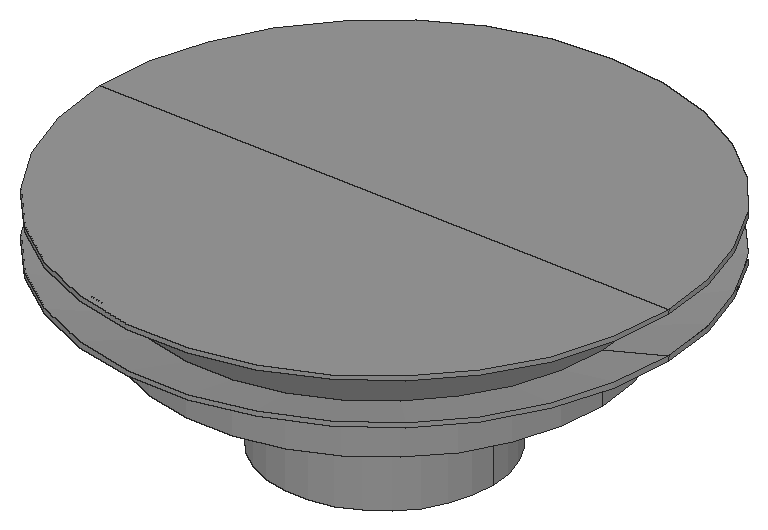
Revit family "Plumbing Fixture_Red Emperor_Rain Water Outlet_ Vert-Non Clamp", category Plumbing Fixtures, Revit 2015
Parameters (values of type "260Wx260Dx100H 285007")
  URL = "http://www.red-emperor.com.au/"
  Type Comments = " "
  Radius = Manufacturer_Overall Width / 2  # 130 mm
  Pipe Radius = 50 mm
  Pipe Dia = Pipe Radius * 2  # 100 mm
  Offset Positive [instance] = if(Manufacturer_Height From FFL > 0 mm, Manufacturer_Height From FFL, 0 mm)  # 0 mm
  Offset Negative [instance] = if(Manufacturer_Height From FFL < 0 mm, abs(Manufacturer_Height From FFL), 0 mm)  # 0 mm
  Model = "285007"
  Material_ANZRS = z_Red Emperor_Grey
  Manufacturer_URL__Product Specific = "http://www.red-emperor.com.au/all-products/ductile-iron-multi-purpose-heavy-duty-flat-vertical-rain-water-outlet-without-membrane-100mm-pvc-hdpe.aspx"
  Manufacturer_Spec Code = Model  # "285007"
  Manufacturer_Overall Width = 260 mm
  Manufacturer_Overall Height = 100 mm
  Manufacturer_Overall Depth = Manufacturer_Overall Width  # 260 mm
  Manufacturer_Height From FFL [instance] = 0 mm
  Manufacturer = "Red Emperor"  # constant formula
  E = 120 mm  # constant formula
  A = 112 mm  # constant formula
  Description = "Ductile Iron Multi-Purpose Heavy Duty Flat Vertical Rain, Water Outlet (without Membrane) 100mm PVC/HDPE"
  CreatedBy_ANZRS = "IGS - BIM Solutions"  # constant formula
  CreatedByURL_ANZRS = "http://www.igsgroup.com.au/"
Types (3, lengths in mm): name | Radius | Pipe Radius | Pipe Dia | Model | Manufacturer_URL__Product Specific | Manufacturer_Spec Code | Manufacturer_Overall Width | Manufacturer_Overall Height | Manufacturer_Overall Depth | Description
  (no name) | 130 | 50 | 100 | "285007" | "http://www.red-emperor.com.au/all-products/ductile-iron-multi-purpose-heavy-duty-flat-vertical-rain-water-outlet-without-membrane-100mm-pvc-hdpe.aspx" | "285007" | 260 | 100 | 260 | "Ductile Iron Multi-Purpose Heavy Duty Flat Vertical Rain, Water Outlet (without Membrane) 100mm PVC/HDPE"
  260Wx260Dx100H 285007 | 130 | 50 | 100 | "285007" | "http://www.red-emperor.com.au/all-products/ductile-iron-multi-purpose-heavy-duty-flat-vertical-rain-water-outlet-without-membrane-100mm-pvc-hdpe.aspx" | "285007" | 260 | 100 | 260 | "Ductile Iron Multi-Purpose Heavy Duty Flat Vertical Rain, Water Outlet (without Membrane) 100mm PVC/HDPE"
  270Wx270Dx98H 285021 | 135 | 75 | 150 | "285021" | "http://www.red-emperor.com.au/all-products/ductile-iron-multi-purpose-heavy-duty-flat-vertical-rain-water-outlet-without-membrane-150mm-pvc-hdpe.aspx" | "285021" | 270 | 98 | 270 | "Ductile Iron Multi-Purpose Heavy Duty Flat Vertical Rain, Water Outlet (without Membrane) 150mm PVC/HDPE"
Reference planes
  plane 1 "Bottom": z = -100
  plane 2 "Center (Left/Right)": x = 0
  plane 3 "Offset Positive": z = 0
  plane 4 "Right": x = 130
  plane 5 "Left": x = -130
  plane 6 "Back": y = 150.962
  plane 7 "Front": y = -109.038
  plane 8 "Center (Front/Back)": y = 20.962
  plane 9 "Top": z = 0
  plane 10 "Outlet Left": x = -50
  plane 11 "Outlet Right": x = 50
  plane 12 "Outlet Back": y = 70.962
  plane 13 "Outlet Front": y = -29.038
Forms (mm)
  Revolve 1, solid, material "z_Red Emperor_Grey" <- "Material_ANZRS"
    sketch origin (-636.066, 20.962, 1200) x (-1, 0, 0) y (0, 0, 1)
      loop
        line (-506.066, -1200) -> (-636.066, -1200) -> (-636.066, -1300) -> (-586.066, -1300) -> (-586.066, -1250) -> (-536.066, -1250) -> (-536.066, -1229.071) -> (-506.066, -1221.032) -> (-506.066, -1218.962) -> (-536.066, -1227) -> (-511.066, -1202) -> (-506.066, -1202) -> (-506.066, -1200)
      axis (-636.066, -1200) -> (-636.066, -1300)
    angle from 0 to 360
Lines and regions (mm)
  Masking region 1
    outline origin (0, 0, 0) x (1, 0, 0) y (0, 0, 1)
      loop
        line (-130, 0) -> (-130, -2) -> (-125, -2) -> (-108.038, -18.962) -> (-130, -18.962) -> (-130, -21.032) -> (-100, -29.071) -> (-100, -50) -> (-50, -50) -> (-50, -100) -> (50, -100) -> (50, -50) -> (100, -50) -> (100, -29.071) -> (130, -21.032) -> (130, -18.962) -> (108.038, -18.962) -> (125, -2) -> (130, -2) -> (130, 0) -> (-130, 0)
  Masking region 2
    outline origin (0, 0, 0) x (0, 1, 0) y (0, 0, 1)
      loop
        line (150.962, 0) -> (-109.038, 0) -> (-109.038, -2) -> (-103.992, -2) -> (-87.03, -18.962) -> (-109.038, -18.962) -> (-109.038, -21.032) -> (-79.038, -29.071) -> (-79.038, -50) -> (-29.038, -50) -> (-29.038, -100) -> (70.962, -100) -> (70.962, -50) -> (120.962, -50) -> (120.962, -29.071) -> (150.962, -21.032) -> (150.962, -18.962) -> (128.955, -18.962) -> (145.916, -2) -> (150.962, -2) -> (150.962, 0)
  Masking region 3
    outline origin (0, 0, 0) x (-1, 0, 0) y (0, -1, 0)
      loop
        circle (0, -20.962) r 130
  symbolic lines, style "Drain", detail levels fine
    curve 1: line (-125, 0, -2) -> (125, 0, -2)
    curve 2: line (-108.038, 0, -18.962) -> (108.038, 0, -18.962)
    curve 3: line (-100, 0, -29.071) -> (100, 0, -29.071)
    curve 4: line (-50, 0, -50) -> (50, 0, -50)
    curve 5: line (0, 145.916, -2) -> (0, -104.038, -2)
    curve 6: line (0, 128.955, -18.962) -> (0, -87.03, -18.962)
    curve 7: line (0, 120.962, -29.071) -> (0, -79.038, -29.071)
    curve 8: line (0, 70.962, -50) -> (0, -29.038, -50)
  model lines, style "InvisibleLines", detail levels medium+fine
    curve 9: line (0, 20.962, 0) -> (0, 20.962, 10)
Text (mm)
  text "> Contact Red Emperor to confirm feasibility of design variations outside the scope of this Revit Family\n\n\n\nDisclaimer:\n\nDue to ongoing product development and manufacturing evolution, product details are subject to change without notice.\n\nPlease refer to product technical data sheets on www.red-emperor.com.au for the most current product information.\n\nPlease allow a +/- 5mm tolerance for dimensions and set-outs shown in product literature.\n\n© Copyright 2016 Red Emperor Pty Ltd" at (1190.506, 248.962, 0), in view "Ref. Level"
Dimensions and locks
  "Manufacturer_Overall Width": plane 5 "Left" to plane 4 "Right"
  "Manufacturer_Overall Depth": plane 6 "Back" to plane 7 "Front"
  equal spacing: plane 5 "Left", plane 2 "Center (Left/Right)", plane 4 "Right"
  equal spacing: plane 6 "Back", plane 8 "Center (Front/Back)", plane 7 "Front"
  "Offset Positive": plane 3 "Offset Positive" to level
  "Offset Negative": plane 3 "Offset Positive" to plane 9 "Top"
  "Manufacturer_Overall Height": plane 9 "Top" to plane 1 "Bottom"
  "Pipe Radius": plane 2 "Center (Left/Right)" to plane 10 "Outlet Left"
  "Pipe Radius": plane 11 "Outlet Right" to plane 2 "Center (Left/Right)"
  "Pipe Radius": plane 12 "Outlet Back" to plane 8 "Center (Front/Back)"
  "Pipe Radius": plane 8 "Center (Front/Back)" to plane 13 "Outlet Front"
  locked: curve 9 to plane 9 "Top" at 10
  "Radius": radius of Masking region 3 sketch curve
  aligned and locked: Revolve 1 sketch curve to plane 5 "Left"
  aligned and locked: Revolve 1 sketch curve to plane 9 "Top"
  aligned and locked: Revolve 1 sketch curve to plane 1 "Bottom"
  aligned and locked: Revolve 1 sketch curve to plane 10 "Outlet Left"
  aligned and locked: Revolve 1 sketch curve to plane 2 "Center (Left/Right)"  (x2)
  aligned and locked: curve 1 to Masking region 1
  aligned and locked: curve 1 to Revolve 1
  aligned and locked: curve 2 to Masking region 1
  aligned and locked: curve 3 to Revolve 1
  aligned and locked: curve 4 to Masking region 1
  aligned and locked: curve 4 to Revolve 1
  aligned and locked: curve 5 to Masking region 2
  aligned and locked: curve 6 to Revolve 1
  aligned and locked: curve 7 to Revolve 1
  aligned and locked: Masking region 2 to curve 8
  aligned and locked: Revolve 1 to curve 8
  aligned and locked: Masking region 1 sketch curve to plane 11 "Outlet Right"
  aligned and locked: plane 11 "Outlet Right" to curve 4
  aligned and locked: plane 12 "Outlet Back" to Masking region 2 sketch curve
  aligned and locked: plane 13 "Outlet Front" to Masking region 2 sketch curve
  aligned and locked: plane 13 "Outlet Front" to curve 8
  aligned and locked: nested 1 to plane 8 "Center (Front/Back)"
  aligned and locked: plane 2 "Center (Left/Right)" to nested 1
  aligned and locked: plane 9 "Top" to curve 9
Automatic sketch dimensions
  Revolve 1 sketch curve to plane 5 "Left" = 0 mm
  plane 5 "Left" to Revolve 1 sketch curve = 30 mm
  Revolve 1 sketch curve to Revolve 1 sketch curve = 0 mm
  Revolve 1 sketch curve to plane 9 "Top" = 2 mm
  Revolve 1 sketch curve to Revolve 1 sketch curve = 5 mm
  plane 1 "Bottom" to Revolve 1 sketch curve = 50 mm
  Revolve 1 sketch curve to Revolve 1 sketch curve = 20.929 mm
  Revolve 1 sketch curve to Revolve 1 sketch curve = 2.071 mm  (x2)
  Revolve 1 sketch curve to Revolve 1 sketch curve = 19.032 mm
  Revolve 1 sketch curve to plane 1 "Bottom" = 104.8 mm
  Revolve 1 sketch curve to level = 104.8 mm
  Masking region 2 sketch curve to plane 7 "Front" = 0 mm  (x2)
  Masking region 2 sketch curve to plane 1 "Bottom" = 0 mm
  Masking region 2 sketch curve to plane 6 "Back" = 0 mm  (x2)
  Masking region 2 sketch curve to plane 9 "Top" = 0 mm
  Masking region 2 sketch curve to plane 9 "Top" = 2 mm  (x2)
  Masking region 2 sketch curve to Masking region 2 sketch curve = 5.046 mm  (x2)
  plane 7 "Front" to Masking region 2 sketch curve = 22.008 mm
  plane 7 "Front" to Masking region 2 sketch curve = 30 mm
  plane 6 "Back" to Masking region 2 sketch curve = 30 mm
  Masking region 2 sketch curve to Masking region 2 sketch curve = 7.992 mm
  plane 1 "Bottom" to Masking region 2 sketch curve = 50 mm  (x2)
  Masking region 2 sketch curve to Masking region 2 sketch curve = 20.929 mm  (x2)
  Masking region 2 sketch curve to Masking region 2 sketch curve = 19.032 mm  (x2)
  Masking region 2 sketch curve to Masking region 2 sketch curve = 2.071 mm
  Masking region 2 sketch curve to Masking region 2 sketch curve = 10.109 mm
  plane 5 "Left" to Masking region 1 sketch curve = 0 mm  (x2)
  plane 10 "Outlet Left" to Masking region 1 sketch curve = 0 mm
  Masking region 1 sketch curve to plane 1 "Bottom" = 0 mm
  plane 4 "Right" to Masking region 1 sketch curve = 0 mm  (x2)
  Masking region 1 sketch curve to plane 9 "Top" = 0 mm
  Masking region 1 sketch curve to plane 9 "Top" = 2 mm  (x2)
  Masking region 1 sketch curve to Masking region 1 sketch curve = 5 mm  (x2)
  plane 5 "Left" to Masking region 1 sketch curve = 21.962 mm
  plane 5 "Left" to Masking region 1 sketch curve = 30 mm
  plane 4 "Right" to Masking region 1 sketch curve = 30 mm
  Masking region 1 sketch curve to Masking region 1 sketch curve = 8.038 mm
  plane 1 "Bottom" to Masking region 1 sketch curve = 50 mm  (x2)
  Masking region 1 sketch curve to Masking region 1 sketch curve = 20.929 mm  (x2)
  Masking region 1 sketch curve to Masking region 1 sketch curve = 19.032 mm  (x2)
  Masking region 1 sketch curve to Masking region 1 sketch curve = 2.071 mm  (x2)
  Masking region 3 sketch curve to plane 2 "Center (Left/Right)" = 0 mm
  Masking region 3 sketch curve to plane 8 "Center (Front/Back)" = 0 mm
  plane 5 "Left" to curve 2 = 21.962 mm
  curve 2 to curve 3 = 8.038 mm
  plane 4 "Right" to curve 3 = 30 mm
  curve 3 to curve 2 = 8.038 mm
  plane 4 "Right" to curve 1 = 5 mm
  curve 9 to plane 8 "Center (Front/Back)" = 0 mm
  plane 7 "Front" to curve 7 = 30 mm
  curve 6 to curve 7 = 7.992 mm
  plane 7 "Front" to curve 5 = 5 mm
  plane 6 "Back" to curve 7 = 30 mm
  curve 7 to curve 6 = 7.992 mm
  plane 6 "Back" to curve 5 = 5.046 mm
Nested families
  nested 1: "z_Plumbing Fixture_Red Emperor_Rain Water Outlet_Vert-Non Clamp_Plan" at (0, 20.962, 0), type "z_Plumbing Fixture_Red Emperor_Rain Water Outlet_Vert-Non Clamp_Plan"
Connectors
  piping at (0, 20.962, -100), diameter 100, driven by "Pipe Dia"
    settings: on Revolve 1, index 1, connector inside diameter 609.6 mm, connector length 0 mm, flow factor 0, pipe flow 0.0 L/s, pressure drop 0.0 Pa, fitting loss kfactor 0, connector angle 0.00°, fixture units 0, engagement length 0 mm, angle of deflection 0.00°, flow configuration 0, flow direction 2, fitting loss method 0, system type 16, joint type 0, gender type 0, connector reference index -1, connector utility 0, adjustable connector no, is connector primary yes, connector description ""
Definition of nested family "z_Plumbing Fixture_Red Emperor_Rain Water Outlet_Vert-Non Clamp_Plan"
  Parameters (values of type "z_Plumbing Fixture_Red Emperor_Rain Water Outlet_Vert-Non Clamp_Plan")
    Manufacturer = "Red Emperor"
    Default Elevation = 0 mm
  Reference planes
    plane 1 "Center (Front/Back)": y = 0
    plane 2: z = 0
    plane 3 "Center (Left/Right)": x = 0
  Lines and regions (mm)
    symbolic lines, detail levels fine
      curve 1: arc (-30.993, 31.232, 0) -> (-44, 0, 0) -> (-30.993, -31.232, 0) r 44
      curve 2: arc (-30.993, -31.232, 0) -> (-30.966, -38.303, 0) -> (-38.037, -38.33, 0) r 5
      curve 3: arc (-38.037, -38.33, 0) -> (-54, 0, 0) -> (-38.037, 38.33, 0) r 54
      curve 4: arc (-38.037, 38.33, 0) -> (-30.966, 38.303, 0) -> (-30.993, 31.232, 0) r 5
      curve 5: arc (-42.33, 49.327, 0) -> (-56.486, 32.16, 0) -> (-64.024, 11.224, 0) r 65
      curve 6: arc (-64.024, 11.224, 0) -> (-69.943, 7.619, 0) -> (-73.778, 13.393, 0) r 5
      curve 7: arc (-73.778, 13.393, 0) -> (-64.938, 37.492, 0) -> (-48.488, 57.197, 0) r 74.983
      curve 8: arc (-48.488, 57.197, 0) -> (-41.317, 56.464, 0) -> (-42.33, 49.327, 0) r 5
      curve 9: arc (-85.185, 11.813, 0) -> (-74.478, 43, 0) -> (-52.823, 67.866, 0) r 86
      curve 10: arc (-52.823, 67.866, 0) -> (-51.948, 74.882, 0) -> (-58.965, 75.757, 0) r 5
      curve 11: arc (-58.965, 75.757, 0) -> (-83.138, 48, 0) -> (-95.09, 13.187, 0) r 96
      curve 12: arc (-95.09, 13.187, 0) -> (-90.824, 7.547, 0) -> (-85.185, 11.813, 0) r 5
      curve 14: circle (0, 0, 0) r 120 normal (0, 0, 1)
      curve 15: arc (-95.09, -13.187, 0) -> (-90.824, -7.547, 0) -> (-85.185, -11.813, 0) r 5
      curve 16: arc (-85.185, -11.813, 0) -> (-74.478, -43, 0) -> (-52.823, -67.866, 0) r 86
      curve 17: arc (-52.823, -67.866, 0) -> (-51.948, -74.882, 0) -> (-58.965, -75.757, 0) r 5
      curve 18: arc (-58.965, -75.757, 0) -> (-83.138, -48, 0) -> (-95.09, -13.187, 0) r 96
      curve 19: arc (-73.778, -13.393, 0) -> (-69.943, -7.619, 0) -> (-64.024, -11.224, 0) r 5
      curve 20: arc (-64.024, -11.224, 0) -> (-56.486, -32.16, 0) -> (-42.33, -49.327, 0) r 65
      curve 21: arc (-42.33, -49.327, 0) -> (-41.317, -56.464, 0) -> (-48.488, -57.197, 0) r 5
      curve 22: arc (-48.488, -57.197, 0) -> (-64.938, -37.492, 0) -> (-73.778, -13.393, 0) r 74.983
      curve 23: arc (-19.187, -12.697, 0) -> (-20.726, -19.708, 0) -> (-27.687, -17.956, 0) r 5
      curve 24: arc (-27.687, -17.956, 0) -> (-32.999, 0.305, 0) -> (-27.351, 18.464, 0) r 33
      curve 25: arc (-27.351, 18.464, 0) -> (-20.472, 19.54, 0) -> (-19.187, 12.697, 0) r 5
      curve 26: arc (-19.181, 12.692, 0) -> (-23, 0, 0) -> (-19.181, -12.692, 0) r 23
      curve 27: arc (-36.125, -88.944, 0) -> (0, -96, 0) -> (36.125, -88.944, 0) r 96
      curve 28: arc (36.125, -88.944, 0) -> (38.876, -82.43, 0) -> (32.362, -79.679, 0) r 5
      curve 29: arc (32.362, -79.679, 0) -> (0, -86, 0) -> (-32.362, -79.679, 0) r 86
      curve 30: arc (-32.362, -79.679, 0) -> (-38.876, -82.43, 0) -> (-36.125, -88.944, 0) r 5
      curve 31: arc (25.29, -70.59, 0) -> (0, -74.983, 0) -> (-25.29, -70.59, 0) r 74.983
      curve 32: arc (-25.29, -70.59, 0) -> (-28.241, -64.013, 0) -> (-21.554, -61.322, 0) r 5
      curve 33: arc (-21.554, -61.322, 0) -> (0.391, -64.999, 0) -> (22.291, -61.058, 0) r 65
      curve 34: arc (22.291, -61.058, 0) -> (28.373, -64.382, 0) -> (25.29, -70.59, 0) r 5
      curve 35: arc (52.213, -13.776, 0) -> (27, -46.765, 0) -> (-14.177, -52.106, 0) r 54
      curve 36: arc (-14.177, -52.106, 0) -> (-17.689, -45.969, 0) -> (-11.551, -42.457, 0) r 5
      curve 37: arc (-11.551, -42.457, 0) -> (22, -38.105, 0) -> (42.544, -11.224, 0) r 44
      curve 38: arc (42.544, -11.224, 0) -> (48.654, -7.665, 0) -> (52.213, -13.776, 0) r 5
      curve 39: arc (20.589, -10.268, 0) -> (27.158, -7.96, 0) -> (29.666, -14.455, 0) r 5
      curve 40: arc (29.666, -14.455, 0) -> (16.5, -28.579, 0) -> (-2.315, -32.919, 0) r 33
      curve 41: arc (-2.315, -32.919, 0) -> (-6.686, -27.499, 0) -> (-1.402, -22.965, 0) r 5
      curve 42: arc (-1.401, -22.957, 0) -> (11.5, -19.919, 0) -> (20.582, -10.265, 0) r 23
      curve 43: arc (63.884, -11.995, 0) -> (56.095, -32.838, 0) -> (41.732, -49.834, 0) r 65
      curve 44: arc (41.732, -49.834, 0) -> (41.57, -56.763, 0) -> (48.488, -57.197, 0) r 5
      curve 45: arc (48.488, -57.197, 0) -> (64.938, -37.492, 0) -> (73.778, -13.393, 0) r 74.983
      curve 46: arc (73.778, -13.393, 0) -> (69.558, -7.549, 0) -> (63.884, -11.995, 0) r 5
      curve 47: arc (52.823, -67.866, 0) -> (74.478, -43, 0) -> (85.185, -11.813, 0) r 86
      curve 48: arc (85.185, -11.813, 0) -> (90.824, -7.547, 0) -> (95.09, -13.187, 0) r 5
      curve 49: arc (95.09, -13.187, 0) -> (83.138, -48, 0) -> (58.965, -75.757, 0) r 96
      curve 50: arc (58.965, -75.757, 0) -> (51.948, -74.882, 0) -> (52.823, -67.866, 0) r 5
      curve 51: arc (95.09, 13.187, 0) -> (83.138, 48, 0) -> (58.965, 75.757, 0) r 96
      curve 52: arc (58.965, 75.757, 0) -> (51.948, 74.882, 0) -> (52.823, 67.866, 0) r 5
      curve 53: arc (52.823, 67.866, 0) -> (74.478, 43, 0) -> (85.185, 11.813, 0) r 86
      curve 54: arc (85.185, 11.813, 0) -> (90.824, 7.547, 0) -> (95.09, 13.187, 0) r 5
      curve 55: arc (48.488, 57.197, 0) -> (64.938, 37.492, 0) -> (73.778, 13.393, 0) r 74.983
      curve 56: arc (73.778, 13.393, 0) -> (69.558, 7.549, 0) -> (63.884, 11.995, 0) r 5
      curve 57: arc (63.884, 11.995, 0) -> (56.095, 32.838, 0) -> (41.732, 49.834, 0) r 65
      curve 58: arc (41.732, 49.834, 0) -> (41.57, 56.763, 0) -> (48.488, 57.197, 0) r 5
      curve 59: arc (-14.177, 52.106, 0) -> (27, 46.765, 0) -> (52.213, 13.776, 0) r 54
      curve 60: arc (52.213, 13.776, 0) -> (48.654, 7.665, 0) -> (42.544, 11.224, 0) r 5
      curve 61: arc (42.544, 11.224, 0) -> (22, 38.105, 0) -> (-11.551, 42.457, 0) r 44
      curve 62: arc (-11.551, 42.457, 0) -> (-17.689, 45.969, 0) -> (-14.177, 52.106, 0) r 5
      curve 63: arc (-1.402, 22.965, 0) -> (-6.704, 27.803, 0) -> (-1.707, 32.956, 0) r 5
      curve 64: arc (-1.707, 32.956, 0) -> (16.5, 28.579, 0) -> (29.394, 15, 0) r 33
      curve 65: arc (29.394, 15, 0) -> (27.431, 8.096, 0) -> (20.589, 10.268, 0) r 5
      curve 66: arc (20.582, 10.265, 0) -> (11.5, 19.919, 0) -> (-1.401, 22.957, 0) r 23
      curve 67: arc (-21.554, 61.322, 0) -> (0.391, 64.999, 0) -> (22.291, 61.058, 0) r 65
      curve 68: arc (22.291, 61.058, 0) -> (28.373, 64.382, 0) -> (25.29, 70.59, 0) r 5
      curve 69: arc (25.29, 70.59, 0) -> (0, 74.983, 0) -> (-25.29, 70.59, 0) r 74.983
      curve 70: arc (-25.29, 70.59, 0) -> (-28.241, 64.013, 0) -> (-21.554, 61.322, 0) r 5
      curve 71: arc (32.362, 79.679, 0) -> (0, 86, 0) -> (-32.362, 79.679, 0) r 86
      curve 72: arc (-32.362, 79.679, 0) -> (-38.876, 82.43, 0) -> (-36.125, 88.944, 0) r 5
      curve 73: arc (-36.125, 88.944, 0) -> (0, 96, 0) -> (36.125, 88.944, 0) r 96
      curve 74: arc (36.125, 88.944, 0) -> (38.876, 82.43, 0) -> (32.362, 79.679, 0) r 5
    symbolic lines, detail levels medium+fine
      curve 13: circle (0, 0, 0) r 112 normal (0, 0, 1)
    model lines, detail levels medium+fine
      curve 75: circle (0, 0, 0) r 120 normal (0, 0, 1)
      curve 76: circle (0, 0, 0) r 112 normal (0, 0, 1)
      curve 77: arc (20.582, 10.265, 0) -> (11.5, 19.919, 0) -> (-1.401, 22.957, 0) r 23
      curve 78: arc (29.666, -14.455, 0) -> (16.5, -28.579, 0) -> (-2.315, -32.919, 0) r 33
      curve 79: arc (-30.993, 31.232, 0) -> (-44, 0, 0) -> (-30.993, -31.232, 0) r 44
      curve 80: arc (-14.177, 52.106, 0) -> (27, 46.765, 0) -> (52.213, 13.776, 0) r 54
      curve 81: arc (63.884, 11.995, 0) -> (56.095, 32.838, 0) -> (41.732, 49.834, 0) r 65
      curve 82: arc (-36.125, 88.944, 0) -> (0, 96, 0) -> (36.125, 88.944, 0) r 96
      curve 83: arc (32.362, 79.679, 0) -> (0, 86, 0) -> (-32.362, 79.679, 0) r 86
      curve 84: arc (-19.181, 12.692, 0) -> (-23, 0, 0) -> (-19.181, -12.692, 0) r 23
      curve 85: arc (-1.707, 32.956, 0) -> (16.5, 28.579, 0) -> (29.394, 15, 0) r 33
      curve 86: arc (-1.401, -22.957, 0) -> (11.5, -19.919, 0) -> (20.582, -10.265, 0) r 23
      curve 87: arc (-27.687, -17.956, 0) -> (-32.999, 0.305, 0) -> (-27.351, 18.464, 0) r 33
      curve 88: arc (-1.707, 32.956, 0) -> (-6.704, 27.803, 0) -> (-1.402, 22.965, 0) r 5
      curve 89: arc (-2.315, -32.919, 0) -> (-6.686, -27.499, 0) -> (-1.402, -22.965, 0) r 5
      curve 90: arc (29.394, 15, 0) -> (27.431, 8.096, 0) -> (20.589, 10.268, 0) r 5
      curve 91: arc (-27.687, -17.956, 0) -> (-20.726, -19.708, 0) -> (-19.187, -12.697, 0) r 5
      curve 92: arc (29.666, -14.455, 0) -> (27.158, -7.96, 0) -> (20.589, -10.268, 0) r 5
      curve 93: arc (-27.351, 18.464, 0) -> (-20.472, 19.54, 0) -> (-19.187, 12.697, 0) r 5
      curve 94: arc (-11.551, -42.457, 0) -> (22, -38.105, 0) -> (42.544, -11.224, 0) r 44
      curve 95: arc (-38.037, -38.33, 0) -> (-54, 0, 0) -> (-38.037, 38.33, 0) r 54
      curve 96: arc (52.213, -13.776, 0) -> (27, -46.765, 0) -> (-14.177, -52.106, 0) r 54
      curve 97: arc (42.544, 11.224, 0) -> (22, 38.105, 0) -> (-11.551, 42.457, 0) r 44
      curve 98: arc (-14.177, 52.106, 0) -> (-17.689, 45.969, 0) -> (-11.551, 42.457, 0) r 5
      curve 99: arc (-38.037, 38.33, 0) -> (-30.966, 38.303, 0) -> (-30.993, 31.232, 0) r 5
      curve 100: arc (-14.177, -52.106, 0) -> (-17.689, -45.969, 0) -> (-11.551, -42.457, 0) r 5
      curve 101: arc (-38.037, -38.33, 0) -> (-30.966, -38.303, 0) -> (-30.993, -31.232, 0) r 5
      curve 102: arc (52.213, -13.776, 0) -> (48.654, -7.665, 0) -> (42.544, -11.224, 0) r 5
      curve 103: arc (52.213, 13.776, 0) -> (48.654, 7.665, 0) -> (42.544, 11.224, 0) r 5
      curve 104: arc (73.778, 13.393, 0) -> (69.558, 7.549, 0) -> (63.884, 11.995, 0) r 5
      curve 105: arc (48.488, 57.197, 0) -> (41.57, 56.763, 0) -> (41.732, 49.834, 0) r 5
      curve 106: arc (48.488, 57.197, 0) -> (64.938, 37.492, 0) -> (73.778, 13.393, 0) r 74.983
      curve 107: arc (63.884, -11.995, 0) -> (56.095, -32.838, 0) -> (41.732, -49.834, 0) r 65
      curve 108: arc (73.778, -13.393, 0) -> (69.558, -7.549, 0) -> (63.884, -11.995, 0) r 5
      curve 109: arc (48.488, -57.197, 0) -> (41.57, -56.763, 0) -> (41.732, -49.834, 0) r 5
      curve 110: arc (48.488, -57.197, 0) -> (64.938, -37.492, 0) -> (73.778, -13.393, 0) r 74.983
      curve 111: arc (-21.554, -61.322, 0) -> (0.391, -64.999, 0) -> (22.291, -61.058, 0) r 65
      curve 112: arc (-25.29, -70.59, 0) -> (-28.241, -64.013, 0) -> (-21.554, -61.322, 0) r 5
      curve 113: arc (25.29, -70.59, 0) -> (28.373, -64.382, 0) -> (22.291, -61.058, 0) r 5
      curve 114: arc (25.29, -70.59, 0) -> (0, -74.983, 0) -> (-25.29, -70.59, 0) r 74.983
      curve 115: arc (-42.33, -49.327, 0) -> (-56.486, -32.16, 0) -> (-64.024, -11.224, 0) r 65
      curve 116: arc (-48.488, -57.197, 0) -> (-41.317, -56.464, 0) -> (-42.33, -49.327, 0) r 5
      curve 117: arc (-73.778, -13.393, 0) -> (-69.943, -7.619, 0) -> (-64.024, -11.224, 0) r 5
      curve 118: arc (-73.778, -13.393, 0) -> (-64.938, -37.492, 0) -> (-48.488, -57.197, 0) r 74.983
      curve 119: arc (-42.33, 49.327, 0) -> (-56.486, 32.16, 0) -> (-64.024, 11.224, 0) r 65
      curve 120: arc (-48.488, 57.197, 0) -> (-41.317, 56.464, 0) -> (-42.33, 49.327, 0) r 5
      curve 121: arc (-73.778, 13.393, 0) -> (-69.943, 7.619, 0) -> (-64.024, 11.224, 0) r 5
      curve 122: arc (-73.778, 13.393, 0) -> (-64.938, 37.492, 0) -> (-48.488, 57.197, 0) r 74.983
      curve 123: arc (-21.554, 61.322, 0) -> (0.391, 64.999, 0) -> (22.291, 61.058, 0) r 65
      curve 124: arc (-25.29, 70.59, 0) -> (-28.241, 64.013, 0) -> (-21.554, 61.322, 0) r 5
      curve 125: arc (25.29, 70.59, 0) -> (28.373, 64.382, 0) -> (22.291, 61.058, 0) r 5
      curve 126: arc (25.29, 70.59, 0) -> (0, 74.983, 0) -> (-25.29, 70.59, 0) r 74.983
      curve 127: arc (36.125, 88.944, 0) -> (38.876, 82.43, 0) -> (32.362, 79.679, 0) r 5
      curve 128: arc (-36.125, 88.944, 0) -> (-38.876, 82.43, 0) -> (-32.362, 79.679, 0) r 5
      curve 129: arc (95.09, 13.187, 0) -> (83.138, 48, 0) -> (58.965, 75.757, 0) r 96
      curve 130: arc (52.823, 67.866, 0) -> (74.478, 43, 0) -> (85.185, 11.813, 0) r 86
      curve 131: arc (58.965, 75.757, 0) -> (51.948, 74.882, 0) -> (52.823, 67.866, 0) r 5
      curve 132: arc (95.09, 13.187, 0) -> (90.824, 7.547, 0) -> (85.185, 11.813, 0) r 5
      curve 133: arc (95.09, -13.187, 0) -> (83.138, -48, 0) -> (58.965, -75.757, 0) r 96
      curve 134: arc (52.823, -67.866, 0) -> (74.478, -43, 0) -> (85.185, -11.813, 0) r 86
      curve 135: arc (58.965, -75.757, 0) -> (51.948, -74.882, 0) -> (52.823, -67.866, 0) r 5
      curve 136: arc (95.09, -13.187, 0) -> (90.824, -7.547, 0) -> (85.185, -11.813, 0) r 5
      curve 137: arc (-36.125, -88.944, 0) -> (0, -96, 0) -> (36.125, -88.944, 0) r 96
      curve 138: arc (32.362, -79.679, 0) -> (0, -86, 0) -> (-32.362, -79.679, 0) r 86
      curve 139: arc (36.125, -88.944, 0) -> (38.876, -82.43, 0) -> (32.362, -79.679, 0) r 5
      curve 140: arc (-36.125, -88.944, 0) -> (-38.876, -82.43, 0) -> (-32.362, -79.679, 0) r 5
      curve 141: arc (-58.965, -75.757, 0) -> (-83.138, -48, 0) -> (-95.09, -13.187, 0) r 96
      curve 142: arc (-85.185, -11.813, 0) -> (-74.478, -43, 0) -> (-52.823, -67.866, 0) r 86
      curve 143: arc (-95.09, -13.187, 0) -> (-90.824, -7.547, 0) -> (-85.185, -11.813, 0) r 5
      curve 144: arc (-58.965, -75.757, 0) -> (-51.948, -74.882, 0) -> (-52.823, -67.866, 0) r 5
      curve 145: arc (-58.965, 75.757, 0) -> (-83.138, 48, 0) -> (-95.09, 13.187, 0) r 96
      curve 146: arc (-85.185, 11.813, 0) -> (-74.478, 43, 0) -> (-52.823, 67.866, 0) r 86
      curve 147: arc (-95.09, 13.187, 0) -> (-90.824, 7.547, 0) -> (-85.185, 11.813, 0) r 5
      curve 148: arc (-58.965, 75.757, 0) -> (-51.948, 74.882, 0) -> (-52.823, 67.866, 0) r 5
    model lines
      curve 149: line (0, 0, 0) -> (0, 0, 25)
  Dimensions and locks
    locked: curve 149 to plane 2 at 25
    aligned and locked: level to plane 2
    aligned and locked: curve 75 to curve 149
    aligned and locked: plane 3 "Center (Left/Right)" to curve 149
